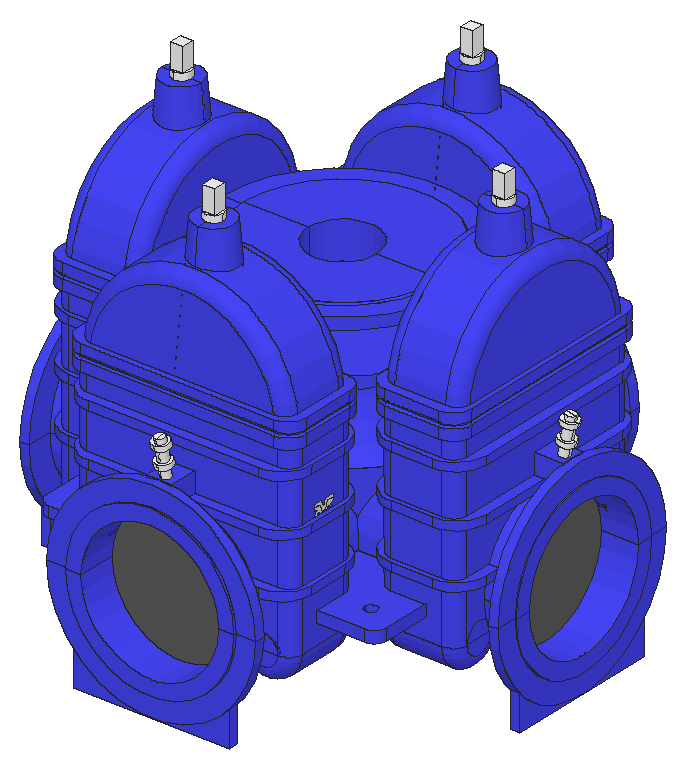
Revit family "18-70-003 DN300", category Pipe Accessories, Revit 2022
Family settings
  Round Connector Dimension = Use Diameter
  Part Type = Valve - Breaks Into
  Work Plane-Based = No
  Always vertical = Yes
  Cut with Voids When Loaded = No
  Shared = No
Parameters (values of type "DN300_PN10")
  tp bore = Bore_R * 0.5  # 75 mm
  main_dim1 = Bore_R * 1.25  # 187.5 mm
  body_dim1 = OD * 0.95  # 247 mm
  arc2 = L2 * 0.7  # 215.95 mm
  arc1 = arc2 * 0.5  # 107.975 mm
  arc = H * 0.5  # 370 mm
  P1 = size_lookup(Search_table, "p1", 0 mm, DN)  # 496 mm
  OD2 = OD1 * 1.1  # 157.3 mm
  OD1 = OD * 0.55  # 143 mm
  L_half = L / 4  # 262.5 mm
  L6 = L2 * 1.2  # 370.2 mm
  L5 = L2 * 1.35  # 416.475 mm
  L2 = size_lookup(Search_table, "L2", 0 mm, DN) / 2  # 308.5 mm
  L-L1 = (L - L1) / 2  # 174 mm
  L1 = size_lookup(Search_table, "L1", 0 mm, DN)  # 702 mm
  H1 = size_lookup(Search_table, "H1", 0 mm, DN)  # 475 mm
  F3 = size_lookup(Search_table, "F3", 0 mm, DN)  # 51 mm
  W = size_lookup(Search_table, "W", 0 mm, DN) / 2  # 260 mm
  URL_product_pages = "https://www.avkvalves.com/P.aspx?no=18100700140000099"
  Search_table = "18-70-003 DN300"
  Raised_dis = size_lookup(Search_table, "Raised_dis", 0 mm, DN)  # 4 mm
  Raised_R = size_lookup(Search_table, "Raised_R", 0 mm, DN)  # 215 mm
  OD = size_lookup(Search_table, "OD", 0 mm, DN)  # 260 mm
  L = size_lookup(Search_table, "L", 0 mm, DN)  # 1050 mm
  H3-H = H3 - H  # 228 mm
  H3 = size_lookup(Search_table, "H3", 0 mm, DN)  # 968 mm
  H = size_lookup(Search_table, "H", 0 mm, DN)  # 740 mm
  FL_T = size_lookup(Search_table, "FL_T", 0 mm, DN)  # 24.5 mm
  FL_R = size_lookup(Search_table, "FL_R", 0 mm, DN)  # 520 mm
  F2 = size_lookup(Search_table, "F2", 0 mm, DN)  # 65 mm
  F1 = size_lookup(Search_table, "F1", 0 mm, DN) / 2  # 20 mm
  F = size_lookup(Search_table, "F", 0 mm, DN) / 2  # 13.5 mm
  Dh = size_lookup(Search_table, "Dh", 0 mm, DN)  # 460 mm
  Description_ = "AVK COMBI-CROSS, FLANGED, 4 OUTLETS, PN10/16"
  Default Elevation = 0 mm
  DN300_PN16 = "18-300-70-016"
  DN300_PN10 = "18-300-70-006"
  DN = 300 mm
  Bore_R = size_lookup(Search_table, "Bore_R", 0 mm, DN)  # 150 mm
  Body_H = 370 mm  # constant formula
  50 = 50 mm  # constant formula
  5 = 5 mm  # constant formula
  27 = 27 mm  # constant formula
  20 = 20 mm  # constant formula
  1 = 1 mm  # constant formula
Types (3, lengths in mm): name | Dh | DN
  (no name) | 460 | 300
  DN300_PN10 | 460 | 300
  DN300_PN16 | 470 | 300.1
Reference planes
  plane 1 "Center (Front/Back)": y = 0
  plane 2: z = 0
  plane 3 "Center (Left/Right)": x = 0
  plane 4: x = -525
  plane 5: x = 525
  plane 6: x = -108.525
  plane 7: x = 108.525
  plane 8: y = 525
  plane 9: y = -525
  plane 10: y = 262.5
  plane 11: y = -262.5
  plane 12: y = 351
  plane 13: y = -351
  plane 14: x = -351
  plane 15: x = 351
  plane 16: y = 308.5
  plane 17: y = -308.5
  plane 18: x = -308.5
  plane 19: x = 308.5
  plane 20: z = 150
  plane 21: z = -150
  plane 22: z = 150
  plane 23: z = 150
  plane 24: z = 740
  plane 25: z = -228
  plane 26: z = 475
  plane 27: z = 370
  plane 28: z = 675
  plane 29: z = 689
  plane 30: y = 20
  plane 31: y = -20
  plane 32: y = -364.5
  plane 33: y = -337.5
  plane 34: x = -13.5
  plane 35: x = 13.5
  plane 36: x = -20
  plane 37: x = 20
  plane 38: y = 13.5
  plane 39: y = -13.5
Forms (mm)
  Extrusion 1, solid, material "Laminate, Blue, Matte"
    sketch origin (0, 0, 0) x (1, 0, 0) y (0, 0, 1)
      loop
        circle (0, 0) r 150
      loop
        circle (0, 0) r 155
    from -351 to 351
  Revolve 2, solid, material "Laminate, Blue, Matte"
    sketch origin (0, 0, 0) x (1, 0, 0) y (0, 0, 1)
      loop
        line (-351, 155) -> (-351, 150) -> (351, 150) -> (351, 155) -> (-351, 155)
      axis (-351, 0) -> (351, 0)
    angle from 0 to 360
  Extrusion 3, solid, material "Laminate, Blue, Matte"
    sketch origin (-2005.196, -1524, 814.716) x (-1, 0, 0) y (0, -1, 0)
      loop
        arc (-1661.996, -1894.2) -> (-1642.904, -1886.292) -> (-1634.996, -1867.2) r 27
        line (-1634.996, -1867.2) -> (-1634.996, -1180.8)
        arc (-1634.996, -1180.8) -> (-1642.904, -1161.708) -> (-1661.996, -1153.8) r 27
        line (-1661.996, -1153.8) -> (-2348.396, -1153.8)
        arc (-2348.396, -1153.8) -> (-2367.487, -1161.708) -> (-2375.396, -1180.8) r 27
        line (-2375.396, -1180.8) -> (-2375.396, -1867.2)
        arc (-2375.396, -1867.2) -> (-2367.487, -1886.292) -> (-2348.396, -1894.2) r 27
        line (-2348.396, -1894.2) -> (-1661.996, -1894.2)
      loop
        circle (-1696.696, -1832.5) r 13.5
      loop
        circle (-2313.696, -1832.5) r 13.5
      loop
        circle (-1696.696, -1215.5) r 13.5
      loop
        circle (-2313.696, -1215.5) r 13.5
    from -814.716 to -839.216
  Revolve 4, solid, material "Laminate, Blue, Matte"
    sketch origin (0, 0, 0) x (1, 0, 0) y (0, 0, 1)
      loop
        line (0, 370) -> (-157.3, 370)
        arc (-157.3, 370) -> (-153.058, 251.051) -> (-215.95, 150) r 203.901
        line (-215.95, 150) -> (-215.95, -20)
        arc (-215.95, -20) -> (-125.736, -114.504) -> (0, -150) r 247.835
        line (0, -150) -> (0, 370)
      axis (0, 370) -> (0, -150)
    angle from 0 to 360
  Revolve 5, solid, material "Laminate, Blue, Matte"
    sketch origin (0, 0, 0) x (1, 0, 0) y (0, 0, 1)
      loop
        line (75, 475) -> (75, 370) -> (157.3, 370) -> (157.3, 446.5) -> (260, 446.5) -> (260, 471) -> (218, 471) -> (215, 475) -> (75, 475)
      axis (0, 475) -> (0, 370)
    angle from 0 to 360
  Extrusion 6, solid, material "Laminate, Blue, Matte"
    sketch origin (-693.189, -1524, 370) x (-1, 0, 0) y (0, -1, 0)
      loop
        arc (-496.189, -1771) -> (-460.834, -1756.355) -> (-446.189, -1721) r 50
        line (-446.189, -1721) -> (-446.189, -1327)
        arc (-446.189, -1327) -> (-460.834, -1291.645) -> (-496.189, -1277) r 50
        line (-496.189, -1277) -> (-890.189, -1277)
        arc (-890.189, -1277) -> (-925.544, -1291.645) -> (-940.189, -1327) r 50
        line (-940.189, -1327) -> (-940.189, -1721)
        arc (-940.189, -1721) -> (-925.544, -1756.355) -> (-890.189, -1771) r 50
        line (-890.189, -1771) -> (-496.189, -1771)
    from 0 to 24.5
  Extrusion 7, solid, material "Laminate, Blue, Matte"
    sketch origin (0, 0, 0) x (1, 0, 0) y (0, 0, 1)
      loop
        line (-351, 260) -> (-351, 0) -> (351, 0) -> (351, 260) -> (-351, 260)
    from -13.5 to 13.5
  Extrusion 8, solid, material "Laminate, Blue, Matte"
    sketch origin (0, 0, 0) x (0, 1, 0) y (0, 0, 1)
      loop
        line (351, 260) -> (-351, 260) -> (-351, 0) -> (351, 0) -> (351, 260)
    from -13.5 to 13.5
Dimensions and locks
  equal spacing: plane 5, plane 3 "Center (Left/Right)", plane 4
  "L": plane 5 to plane 4
  "L5": plane 6 to plane 4
  equal spacing: plane 7, plane 3 "Center (Left/Right)", plane 6
  equal spacing: plane 8, plane 1 "Center (Front/Back)", plane 9
  "L": plane 8 to plane 9
  equal spacing: plane 10, plane 1 "Center (Front/Back)", plane 11
  "L_half": plane 10 to plane 1 "Center (Front/Back)"
  plane 5 to plane 4 = 1050 mm
  plane 8 to plane 9 = 1050 mm  (x2)
  plane 9 to plane 8 = 1050 mm
  plane 4 to plane 5 = 1050 mm
  equal spacing: plane 14, plane 3 "Center (Left/Right)", plane 15
  equal spacing: plane 13, plane 1 "Center (Front/Back)", plane 12
  "L1": plane 13 to plane 12
  "L1": plane 14 to plane 15
  equal spacing: plane 17, plane 1 "Center (Front/Back)", plane 16
  plane 17 to plane 16 = 617 mm  (x2)
  "L2": plane 1 "Center (Front/Back)" to plane 16
  equal spacing: plane 18, plane 3 "Center (Left/Right)", plane 19
  plane 18 to plane 19 = 617 mm  (x3)
  "L2": plane 18 to plane 3 "Center (Left/Right)"
  equal spacing: plane 20, level, plane 21
  "Bore_R": Extrusion 1 sketch curve to level
  "Bore_R": plane 20 to level
  "5": Extrusion 1 sketch curve to plane 20
  equal spacing: Extrusion 1 sketch curve, plane 3 "Center (Left/Right)", Extrusion 1 sketch curve  (x2)
  equal spacing: Extrusion 1, plane 1 "Center (Front/Back)", Extrusion 1
  "L-L1": plane 8 to Extrusion 1
  "L-L1": Revolve 2 sketch curve to plane 4
  equal spacing: Revolve 2 sketch curve, plane 3 "Center (Left/Right)", Revolve 2 sketch curve
  "Bore_R": plane 22 to level
  "5": Revolve 2 sketch curve to plane 22
  "Bore_R": plane 23 to level
  "H": plane 24 to level
  "H3-H": level to plane 25
  plane 24 to plane 25 = 968 mm  (x2)
  "H1": plane 26 to level
  "Body_H": plane 27 to level
  equal spacing: Extrusion 3 sketch curve, plane 3 "Center (Left/Right)", Extrusion 3 sketch curve  (x3)
  equal spacing: Extrusion 3 sketch curve, plane 1 "Center (Front/Back)", Extrusion 3 sketch curve  (x3)
  "L2": plane 1 "Center (Front/Back)" to Extrusion 3 sketch curve  (x2)
  "L2": Extrusion 3 sketch curve to plane 3 "Center (Left/Right)"  (x2)
  "L6": plane 1 "Center (Front/Back)" to Extrusion 3 sketch curve
  "L6": Extrusion 3 sketch curve to plane 3 "Center (Left/Right)"
  "FL_T": level to Extrusion 3
  "OD2": plane 3 "Center (Left/Right)" to Revolve 4 sketch curve
  "Bore_R": level to Revolve 4 sketch curve
  "20": level to Revolve 4 sketch curve
  "OD2": Revolve 5 sketch curve to plane 3 "Center (Left/Right)"
  "tp bore": Revolve 5 sketch curve to plane 3 "Center (Left/Right)"
  equal spacing: Extrusion 6 sketch curve, plane 3 "Center (Left/Right)", Extrusion 6 sketch curve
  equal spacing: Extrusion 6 sketch curve, plane 1 "Center (Front/Back)", Extrusion 6 sketch curve
  "body_dim1": plane 3 "Center (Left/Right)" to Extrusion 6 sketch curve
  "body_dim1": plane 1 "Center (Front/Back)" to Extrusion 6 sketch curve
  "FL_T": Revolve 5 sketch curve to Revolve 5 sketch curve
  "Raised_R": Revolve 5 sketch curve to plane 3 "Center (Left/Right)"
  "Raised_dis": plane 26 to Revolve 5 sketch curve
  "OD": Revolve 5 sketch curve to plane 3 "Center (Left/Right)"
  "FL_T": Extrusion 6 to plane 27
  equal spacing: Extrusion 7 sketch curve, plane 3 "Center (Left/Right)", Extrusion 7 sketch curve
  "L-L1": Extrusion 7 sketch curve to plane 4
  "W": Extrusion 7 sketch curve to level
  equal spacing: Extrusion 7, plane 1 "Center (Front/Back)", Extrusion 7
  "F": Extrusion 7 to plane 1 "Center (Front/Back)"
  equal spacing: Extrusion 8 sketch curve, plane 1 "Center (Front/Back)", Extrusion 8 sketch curve
  "W": Extrusion 8 sketch curve to level
  equal spacing: Extrusion 8, plane 3 "Center (Left/Right)", Extrusion 8
  "F": plane 3 "Center (Left/Right)" to Extrusion 8
  plane 24 to level = 740 mm
  plane 26 to level = 475 mm  (x3)
  "F3": plane 24 to plane 29
  "F2": plane 24 to plane 28
  equal spacing: plane 30, plane 1 "Center (Front/Back)", plane 31
  "F1": plane 30 to plane 1 "Center (Front/Back)"
  plane 30 to plane 31 = 40 mm
  "F": plane 33 to plane 13
  "F": plane 13 to plane 32
  plane 33 to plane 32 = 27 mm
  "arc2": plane 3 "Center (Left/Right)" to Revolve 4 sketch curve
  "F": nested 1 to plane 1 "Center (Front/Back)"
  "F": plane 1 "Center (Front/Back)" to nested 3
  "F": plane 3 "Center (Left/Right)" to nested 2
  "F": plane 3 "Center (Left/Right)" to nested 4
  equal spacing: plane 35, plane 3 "Center (Left/Right)", plane 34
  "F": plane 3 "Center (Left/Right)" to plane 34
  plane 35 to plane 34 = 27 mm
  equal spacing: plane 37, plane 3 "Center (Left/Right)", plane 36
  plane 37 to plane 36 = 40 mm
  "F1": plane 3 "Center (Left/Right)" to plane 36
  plane 24 to plane 29 = 51 mm
  plane 24 to plane 28 = 65 mm
  equal spacing: plane 38, plane 1 "Center (Front/Back)", plane 39
  "F": plane 38 to plane 1 "Center (Front/Back)"
  plane 38 to plane 39 = 27 mm
  "Body_H": Revolve 5 sketch curve to plane 2
  "27": radius of Extrusion 3 sketch curve  (x4)
  "27": diameter of Extrusion 3 sketch curve  (x4)
  "50": radius of Extrusion 6 sketch curve  (x4)
  diameter of Extrusion 3 = 27 mm  (x4)
  aligned and locked: level to plane 2
  aligned and locked: plane 22 to Revolve 2 sketch curve
  aligned and locked: Revolve 2 sketch curve to level
  aligned and locked: Extrusion 3 to level
  aligned and locked: Revolve 4 sketch curve to plane 27
  aligned and locked: Revolve 4 sketch curve to plane 3 "Center (Left/Right)"  (x2)
  aligned and locked: Revolve 5 sketch curve to plane 3 "Center (Left/Right)"
  aligned and locked: Extrusion 6 to plane 27
  aligned and locked: plane 26 to Revolve 5 sketch curve
  aligned and locked: level to Extrusion 7 sketch curve
  aligned and locked: plane 12 to Extrusion 8 sketch curve
  aligned and locked: level to Extrusion 8 sketch curve
  aligned and locked: nested 1 to plane 4
  aligned and locked: plane 9 to nested 4
  aligned and locked: plane 5 to nested 3
  aligned and locked: nested 2 to plane 8
  aligned and locked: plane 24 to nested 1
  aligned and locked: plane 24 to nested 2
  aligned and locked: plane 24 to nested 4
  aligned and locked: plane 24 to nested 3
Automatic sketch dimensions
  Extrusion 1 sketch curve to Extrusion 1 sketch curve = 0 mm
  Extrusion 1 sketch curve to level = 0 mm
  Revolve 2 sketch curve to plane 4 = 189.12 mm
  plane 36 to Revolve 2 sketch curve = 0.88 mm
  Revolve 4 sketch curve to plane 23 = 0 mm
  plane 14 to Revolve 4 sketch curve = 0.923 mm
  plane 3 "Center (Left/Right)" to Revolve 4 sketch curve = 2.085 mm
  plane 25 to Revolve 4 sketch curve = 21.959 mm
  plane 23 to Revolve 4 sketch curve = 0.027 mm
  Revolve 5 sketch curve to Revolve 5 sketch curve = 3 mm
  plane 27 to Revolve 5 sketch curve = 25.846 mm
  Revolve 5 sketch curve to plane 26 = 17.154 mm
Nested families
  nested 1: "18-70-003 DN200 family type" at (-351, 0, 0), type "18-70-003 DN200 family type"
  nested 2: "18-70-003 DN200 family type" at (0, 351, 0) x (0, -1, 0) z (0, 0, 1), type "18-70-003 DN200 family type"
  nested 3: "18-70-003 DN200 family type" at (351, 0, 0) x (-1, 0, 0) z (0, 0, 1), type "18-70-003 DN200 family type"
  nested 4: "18-70-003 DN200 family type" at (0, -351, 0) x (0, 1, 0) z (0, 0, 1), type "18-70-003 DN200 family type"
Connectors
  piping at (-525, 0, 0), diameter 300, driven by "DN"
    settings: on nested 1, index 1, connector inside diameter 609.6 mm, connector length 0 mm, flow factor 0, pipe flow 0.0 L/s, pressure drop 0.0 Pa, fitting loss kfactor 0, connector angle 0.00°, fixture units 0, engagement length 0 mm, angle of deflection 0.00°, flow configuration 0, flow direction 0, fitting loss method 0, system type 7, joint type 0, gender type 0, connector reference index -1, connector utility 0, adjustable connector no, is connector primary yes, connector description ""
  piping at (525, 0, 0), diameter 300, driven by "DN"
    settings: on nested 3, index 2, connector inside diameter 609.6 mm, connector length 0 mm, flow factor 0, pipe flow 0.0 L/s, pressure drop 0.0 Pa, fitting loss kfactor 0, connector angle 0.00°, fixture units 0, engagement length 0 mm, angle of deflection 0.00°, flow configuration 0, flow direction 0, fitting loss method 0, system type 7, joint type 0, gender type 0, connector reference index -1, connector utility 0, adjustable connector no, is connector primary no, connector description ""
  piping at (0, 525, 0), diameter 300, driven by "DN"
    settings: on nested 2, index 3, connector inside diameter 609.6 mm, connector length 0 mm, flow factor 0, pipe flow 0.0 L/s, pressure drop 0.0 Pa, fitting loss kfactor 0, connector angle 0.00°, fixture units 0, engagement length 0 mm, angle of deflection 0.00°, flow configuration 0, flow direction 0, fitting loss method 0, system type 7, joint type 0, gender type 0, connector reference index -1, connector utility 0, adjustable connector no, is connector primary no, connector description ""
  piping at (0, -525, 0), diameter 300, driven by "DN"
    settings: on nested 4, index 4, connector inside diameter 609.6 mm, connector length 0 mm, flow factor 0, pipe flow 0.0 L/s, pressure drop 0.0 Pa, fitting loss kfactor 0, connector angle 0.00°, fixture units 0, engagement length 0 mm, angle of deflection 0.00°, flow configuration 0, flow direction 0, fitting loss method 0, system type 7, joint type 0, gender type 0, connector reference index -1, connector utility 0, adjustable connector no, is connector primary no, connector description ""
Definition of nested family "18-70-003 DN200 family type"
  Parameters (values of type "18-70-003 DN200 family type")
    stem1 = F1 * 1.35  # 27 mm
    logo_H = Body_H * 0.5  # 185 mm
    Taper2 = Bore_R + 1.8 * Body_T  # 173.4 mm
    Taper1 = L5 * 0.35  # 122.5 mm
    P1 = size_lookup(Search_table, "p1", 0 mm, DN)  # 496 mm
    L_half = L / 4  # 262.5 mm
    L5 = L / 3  # 350 mm
    L2 = size_lookup(Search_table, "L2", 0 mm, DN)  # 617 mm
    L-L1 = L - L1  # 348 mm
    L1 = size_lookup(Search_table, "L1", 0 mm, DN)  # 702 mm
    H1 = size_lookup(Search_table, "H1", 0 mm, DN)  # 475 mm
    F3 = size_lookup(Search_table, "F3", 0 mm, DN)  # 51 mm
    Bore_Cut = Bore_R - 1 mm  # 149 mm
    Body_Rib = OD * 0.65  # 169 mm
    Wedge_L = Body_W * 0.85  # 73.1 mm
    W = size_lookup(Search_table, "W", 0 mm, DN) / 2  # 260 mm
    URL_product_pages = "https://www.avkvalves.com/P.aspx?no=0204075014649"
    Sweep _cut = Body_FL_T / 6  # 4.583 mm
    Stem = F2 / 2.5  # 26 mm
    Search_table = "18-70-003 DN300"
    Rib_T = FL_T - Raised_dis  # 20.5 mm
    Rib3_W = size_lookup(Search_table, "Rib3_W", 0 mm, DN)  # 220 mm
    Rib3_L = 500 mm  # constant formula
    Rib3_H = size_lookup(Search_table, "Rib3_H", 0 mm, DN)  # 315 mm
    Rib2_W = size_lookup(Search_table, "Rib2_W", 0 mm, DN)  # 220 mm
    Rib2_L = 500 mm  # constant formula
    Rib2_H = size_lookup(Search_table, "Rib2_H", 0 mm, DN)  # 195 mm
    Rib1_W = size_lookup(Search_table, "Rib1_W", 0 mm, DN)  # 220 mm
    Rib1_T = size_lookup(Search_table, "Rib1_T", 0 mm, DN) / 2  # 9 mm
    Rib1_R = size_lookup(Search_table, "Rib1_R", 0 mm, DN)  # 65 mm
    Rib1_L = size_lookup(Search_table, "Rib1_L", 0 mm, DN) - 60 mm  # 500 mm
    Rib1_H = size_lookup(Search_table, "Rib1_H", 0 mm, DN)  # 80 mm
    Raised_dis = size_lookup(Search_table, "Raised_dis", 0 mm, DN)  # 4 mm
    Raised_R = size_lookup(Search_table, "Raised_R", 0 mm, DN)  # 183.5 mm
    RIB_T = Raised_dis * 2  # 8 mm
    RIB_L1 = W * 0.65  # 169 mm
    OD = size_lookup(Search_table, "OD", 0 mm, DN)  # 260 mm
    L = size_lookup(Search_table, "L", 0 mm, DN)  # 1050 mm
    H3-H = H3 - H  # 228 mm
    H3 = size_lookup(Search_table, "H3", 0 mm, DN)  # 968 mm
    H = size_lookup(Search_table, "H", 0 mm, DN)  # 740 mm
    FL_T = size_lookup(Search_table, "FL_T", 0 mm, DN)  # 24.5 mm
    FL_R = size_lookup(Search_table, "FL_R", 0 mm, DN) / 2  # 227.5 mm
    F2 = size_lookup(Search_table, "F2", 0 mm, DN)  # 65 mm
    F1 = size_lookup(Search_table, "F1", 0 mm, DN) / 2  # 20 mm
    F = size_lookup(Search_table, "F", 0 mm, DN) / 2  # 13.5 mm
    Ds = size_lookup(Search_table, "Ds", 0 mm, DN)  # 23 mm
    Dh = size_lookup(Search_table, "Dh", 0 mm, DN)  # 460 mm
    Description_ = "AVK GATE VALVE, FLANGED, PN10/16"
    Default Elevation = 0 mm
    DN = 300 mm
    Bore_R = size_lookup(Search_table, "Bore_R", 0 mm, DN)  # 150 mm
    Bonnet_dim3 = F1 * 2.5  # 50 mm
    Bonnet_dim2 = Body_FL_W * 0.7  # 69.23 mm
    Bonnet_dim1 = F1 * 4.2  # 84 mm
    Bonnet_d2 = Body_W * 0.5  # 43 mm
    Bonnet_d1 = Body_W * 0.8  # 68.8 mm
    Bonnet_L = Body_L * 0.97  # 230.86 mm
    Body_dim = size_lookup(Search_table, "Body_dim", 0 mm, DN)  # 175 mm
    Body_bottom = Body_L - 30 mm  # 208 mm
    Body_W = size_lookup(Search_table, "Body_W", 0 mm, DN) / 2  # 86 mm
    Body_T = size_lookup(Search_table, "Body_T", 0 mm, DN)  # 13 mm
    Body_R = size_lookup(Search_table, "Body_R", 0 mm, DN)  # 30 mm
    Body_L = size_lookup(Search_table, "Body_L", 0 mm, DN) / 2  # 238 mm
    Body_H = size_lookup(Search_table, "Body_H", 0 mm, DN)  # 370 mm
    Body_FL_rib_dim1 = (L / 2) - FL_T  # 500.5 mm
    Body_FL_rib_dim = H - 30 mm  # 710 mm
    Body_FL_arc = size_lookup(Search_table, "Body_FL_arc", 0 mm, DN)  # 1550 mm
    Body_FL_W = Body_W * 1.15  # 98.9 mm
    Body_FL_T = size_lookup(Search_table, "Body_FL_T", 0 mm, DN) / 2  # 27.5 mm
    Body_FL_R = size_lookup(Search_table, "Body_FL_R", 0 mm, DN)  # 40 mm
    Body_FL_L = 250 mm  # constant formula
    Body_Arc = size_lookup(Search_table, "Body_Arc", 0 mm, DN)  # 1120 mm
    5 = 5 mm  # constant formula
    Wedge_dim = size_lookup(Search_table, "Wedge_dim", 0 mm, DN)  # 70 mm
    27 = 27 mm  # constant formula
    1 = 1 mm  # constant formula
  Reference planes
    plane 1 "Center (Front/Back)": y = 0
    plane 2: z = 0
    plane 3 "Center (Left/Right)": x = 0
    plane 4: y = 238
    plane 5: y = -238
    plane 6: x = -86
    plane 7: x = 86
    plane 8: x = -56
    plane 9: x = 56
    plane 10: y = 208
    plane 11: y = -208
    plane 12: z = 370
    plane 13: z = 342.5
    plane 14: z = 290
    plane 15 "RIB_W": y = -250
    plane 16 "RIB_L": x = -110
    plane 17 "RIB_M": x = 110
    plane 18 "RIB_N": y = 250
    plane 19: y = 250
    plane 20: y = -250
    plane 21: x = -98.9
    plane 22: x = 98.9
    plane 23: y = 210
    plane 24: y = -210
    plane 25: x = -58.9
    plane 26: x = 58.9
    plane 27: z = 175
    plane 28: z = 55
    plane 29: z = 0
    plane 30: x = -20
    plane 31: x = 20
    plane 32: y = 250
    plane 33: y = -250
    plane 34: z = 740
    plane 35: y = 20
    plane 36: y = -20
    plane 37: z = 689
    plane 38: z = 675
    plane 39: x = -13.5
    plane 40: x = 13.5
    plane 41: z = -70
    plane 42: z = 228
    plane 43: y = 260
    plane 44: y = 250
    plane 45: y = -260
    plane 46: y = -250
    plane 47: z = -228
    plane 48: x = 174
    plane 49: x = -174
    plane 50: through (-110.611, -1524, 107.099) normal (-0.9848, 0, -0.1736)
  Forms (mm)
    Revolve 1, solid
      sketch origin (0, 0, 0) x (1, 0, 0) y (0, 1, 0)
        loop
          line (-174, 150) -> (201, 150) -> (201, 163) -> (-122.5, 163) -> (-149.5, 173.4) -> (-149.5, 227.5) -> (-170, 227.5) -> (-170, 183.5) -> (-174, 183.5) -> (-174, 150)
        axis (201, 0) -> (-174, 0)
      angle from 0 to 360
    Extrusion 2, solid
      sketch origin (0, 0, 0) x (1, 0, 0) y (0, 1, 0)
        loop
          line (-86, 208) -> (-86, -208)
          arc (-86, -208) -> (-77.213, -229.213) -> (-56, -238) r 30
          line (-56, -238) -> (56, -238)
          arc (56, -238) -> (77.213, -229.213) -> (86, -208) r 30
          line (86, -208) -> (86, 208)
          arc (86, 208) -> (77.213, 229.213) -> (56, 238) r 30
          line (56, 238) -> (-56, 238)
          arc (-56, 238) -> (-77.213, 229.213) -> (-86, 208) r 30
      from -70 to 370
    Extrusion 3, solid
      sketch origin (0, 1854.182, 290) x (0, 1, 0) y (-1, 0, 0)
        loop
          arc (-1604.182, 58.9) -> (-1615.898, 87.184) -> (-1644.182, 98.9) r 40
          line (-1644.182, 98.9) -> (-2064.182, 98.9)
          arc (-2064.182, 98.9) -> (-2092.467, 87.184) -> (-2104.182, 58.9) r 40
          line (-2104.182, 58.9) -> (-2104.182, -58.9)
          arc (-2104.182, -58.9) -> (-2092.467, -87.184) -> (-2064.182, -98.9) r 40
          line (-2064.182, -98.9) -> (-1644.182, -98.9)
          arc (-1644.182, -98.9) -> (-1615.898, -87.184) -> (-1604.182, -58.9) r 40
          line (-1604.182, -58.9) -> (-1604.182, 58.9)
      from 52.5 to 107.5
    Extrusion 4, solid
      sketch origin (0, 1854.182, 290) x (0, 1, 0) y (-1, 0, 0)
        loop
          arc (-1604.182, 45) -> (-1623.22, 90.962) -> (-1669.182, 110) r 65
          line (-1669.182, 110) -> (-2039.182, 110)
          arc (-2039.182, 110) -> (-2085.144, 90.962) -> (-2104.182, 45) r 65
          line (-2104.182, 45) -> (-2104.182, -45)
          arc (-2104.182, -45) -> (-2085.144, -90.962) -> (-2039.182, -110) r 65
          line (-2039.182, -110) -> (-1669.182, -110)
          arc (-1669.182, -110) -> (-1623.22, -90.962) -> (-1604.182, -45) r 65
          line (-1604.182, -45) -> (-1604.182, 45)
      from 9 to -9
    Sweep 5, void
      path in 3D
        loop
          arc (58.9, -250, 397.5) -> (87.184, -238.284, 397.5) -> (98.9, -210, 397.5) r 40
          line (98.9, -210, 397.5) -> (98.9, 210, 397.5)
          arc (98.9, 210, 397.5) -> (87.184, 238.284, 397.5) -> (58.9, 250, 397.5) r 40
          line (58.9, 250, 397.5) -> (-58.9, 250, 397.5)
          arc (-58.9, 250, 397.5) -> (-87.184, 238.284, 397.5) -> (-98.9, 210, 397.5) r 40
          line (-98.9, 210, 397.5) -> (-98.9, -210, 397.5)
          arc (-98.9, -210, 397.5) -> (-87.184, -238.284, 397.5) -> (-58.9, -250, 397.5) r 40
          line (-58.9, -250, 397.5) -> (58.9, -250, 397.5)
      profile origin (0, -250, 397.5) x (0, 1, 0) y (0, 0, 1)
        loop
          circle (0, -27.5) r 4.583
    Extrusion 6, solid
      sketch origin (0, 1323.169, 370) x (0, 1, 0) y (-1, 0, 0)
        loop
          arc (-1073.169, 45) -> (-1092.207, 90.962) -> (-1138.169, 110) r 65
          line (-1138.169, 110) -> (-1508.169, 110)
          arc (-1508.169, 110) -> (-1554.131, 90.962) -> (-1573.169, 45) r 65
          line (-1573.169, 45) -> (-1573.169, -45)
          arc (-1573.169, -45) -> (-1554.131, -90.962) -> (-1508.169, -110) r 65
          line (-1508.169, -110) -> (-1138.169, -110)
          arc (-1138.169, -110) -> (-1092.207, -90.962) -> (-1073.169, -45) r 65
          line (-1073.169, -45) -> (-1073.169, 45)
      from -204 to -186
    Extrusion 7, solid
      sketch origin (0, 1323.169, 370) x (0, 1, 0) y (-1, 0, 0)
        loop
          arc (-1073.169, 45) -> (-1092.207, 90.962) -> (-1138.169, 110) r 65
          line (-1138.169, 110) -> (-1508.169, 110)
          arc (-1508.169, 110) -> (-1554.131, 90.962) -> (-1573.169, 45) r 65
          line (-1573.169, 45) -> (-1573.169, -45)
          arc (-1573.169, -45) -> (-1554.131, -90.962) -> (-1508.169, -110) r 65
          line (-1508.169, -110) -> (-1138.169, -110)
          arc (-1138.169, -110) -> (-1092.207, -90.962) -> (-1073.169, -45) r 65
          line (-1073.169, -45) -> (-1073.169, 45)
      from -306 to -324
    Extrusion 8, solid
      sketch origin (0, 0, 0) x (0, 1, 0) y (0, 0, -1)
        loop
          line (169, 228) -> (-169, 228) -> (-169, 150) -> (169, 150) -> (169, 228)
      from 149.5 to 169
    Extrusion 9, solid
      sketch origin (0, 0, 7.614) x (1, 0, 0) y (0, 0, 1)
        loop
          line (13.5, 732.386) -> (-13.5, 732.386) -> (-13.5, 681.386) -> (13.5, 681.386) -> (13.5, 732.386)
      from -13.5 to 13.5
    Extrusion 10, solid
      sketch origin (0, 196.792, 342.5) x (0, 1, 0) y (-1, 0, 0)
        loop
          circle (-196.792, 0) r 20
      from 332.5 to 346.5
    Revolve 11, solid
      sketch origin (0, 1323.169, 370) x (0, 1, 0) y (-1, 0, 0)
        loop
          arc (-1092.309, 56) -> (-1101.096, 77.213) -> (-1122.309, 86) r 30
          line (-1122.309, 86) -> (-1323.169, 86) -> (-1323.169, -86) -> (-1122.309, -86)
          arc (-1122.309, -86) -> (-1101.096, -77.213) -> (-1092.309, -56) r 30
          line (-1092.309, -56) -> (-1092.309, 56)
        axis (-1323.169, -86) -> (-1323.169, 86)
      angle from -180 to 0
    Revolve 12, solid
      sketch origin (0, 0, 0) x (1, 0, 0) y (0, 0, 1)
        loop
          line (43, 675) -> (0, 675) -> (0, 370) -> (68.8, 370) -> (43, 675)
        axis (0, 675) -> (0, 370)
      angle from 0 to 360
    Extrusion 13, void
      sketch origin (0, 0, 0) x (0, -1, 0) y (0, 0, 1)
        loop
          circle (0, 0) r 150
      from -110 to 110
    Revolve 14, solid
      sketch origin (-660.515, -1524, -70) x (-1, 0, 0) y (0, -1, 0)
        loop
          arc (-604.515, -1762) -> (-583.301, -1753.213) -> (-574.515, -1732) r 30
          line (-574.515, -1732) -> (-574.515, -1699) -> (-746.515, -1699) -> (-746.515, -1732)
          arc (-746.515, -1732) -> (-737.728, -1753.213) -> (-716.515, -1762) r 30
          line (-716.515, -1762) -> (-604.515, -1762)
        axis (-574.515, -1699) -> (-746.515, -1699)
      angle from 0 to 360
    Revolve 15, solid
      sketch origin (-660.515, -1524, -70) x (-1, 0, 0) y (0, -1, 0)
        loop
          arc (-574.515, -1316) -> (-583.301, -1294.787) -> (-604.515, -1286) r 30
          line (-604.515, -1286) -> (-716.515, -1286)
          arc (-716.515, -1286) -> (-737.728, -1294.787) -> (-746.515, -1316) r 30
          line (-746.515, -1316) -> (-746.515, -1349) -> (-574.515, -1349) -> (-574.515, -1316)
        axis (-746.515, -1349) -> (-574.515, -1349)
      angle from 0 to 360
    Extrusion 16, solid
      sketch origin (0, 0, 0) x (0, 1, 0) y (0, 0, 1)
        loop
          circle (0, 0) r 150
      from -91 to 91
    Extrusion 17, solid
      sketch origin (0, 0, 0) x (1, 0, 0) y (0, 0, 1)
        loop
          line (-149.5, 227.5) -> (-149.5, 150) -> (-86, 150) -> (-86, 227.5) -> (-149.5, 227.5)
      from -27 to 27
    Revolve 18, solid
      sketch origin (0, 0, 0) x (1, 0, 0) y (0, 0, 1)
        loop
          line (-146.708, 311.811) -> (-131.929, 228) -> (-121.231, 228) -> (-125.733, 253.534) -> (-118.396, 254.828) -> (-120.312, 265.694) -> (-127.649, 264.4) -> (-132.858, 293.945) -> (-125.521, 295.238) -> (-127.258, 305.087) -> (-134.595, 303.793) -> (-136.331, 313.641) -> (-146.708, 311.811)
        axis (-146.708, 311.811) -> (-131.607, 226.17)
      angle from 0 to 360
  Cuts and joins
    Sweep 5 cuts Extrusion 3
    Extrusion 13 cuts Revolve 1
    Extrusion 13 cuts Extrusion 2
    Extrusion 13 cuts Extrusion 7
  Lines and regions (mm)
    sketch lines
      curve 1: line (-58.9, -250, 397.5) -> (58.9, -250, 397.5)
      curve 2: line (58.9, 250, 397.5) -> (-58.9, 250, 397.5)
      curve 3: arc (-98.9, 210, 397.5) -> (-87.184, 238.284, 397.5) -> (-58.9, 250, 397.5) r 40
      curve 4: line (-98.9, 210, 397.5) -> (-98.9, -210, 397.5)
      curve 5: arc (-58.9, -250, 397.5) -> (-87.184, -238.284, 397.5) -> (-98.9, -210, 397.5) r 40
      curve 6: arc (98.9, -210, 397.5) -> (87.184, -238.284, 397.5) -> (58.9, -250, 397.5) r 40
      curve 7: line (98.9, -210, 397.5) -> (98.9, 210, 397.5)
      curve 8: arc (58.9, 250, 397.5) -> (87.184, 238.284, 397.5) -> (98.9, 210, 397.5) r 40
  Dimensions and locks
    "Bore_R": plane 1 "Center (Front/Back)" to Revolve 1 sketch curve
    "FL_R": plane 1 "Center (Front/Back)" to Revolve 1 sketch curve
    "Raised_R": plane 1 "Center (Front/Back)" to Revolve 1 sketch curve
    "Body_T": Revolve 1 sketch curve to Revolve 1 sketch curve
    equal spacing: plane 4, plane 1 "Center (Front/Back)", plane 5
    "Body_L": plane 4 to plane 1 "Center (Front/Back)"
    "Body_W": plane 6 to plane 3 "Center (Left/Right)"
    equal spacing: plane 8, plane 3 "Center (Left/Right)", plane 9
    equal spacing: plane 10, plane 1 "Center (Front/Back)", plane 11
    "Body_R": plane 6 to plane 8
    "Body_R": plane 4 to plane 10
    plane 4 to plane 10 = 30 mm
    "Body_H": plane 12 to plane 2
    equal spacing: plane 6, plane 3 "Center (Left/Right)", plane 7
    "Body_FL_T": plane 12 to plane 13
    equal spacing: plane 16 "RIB_L", plane 3 "Center (Left/Right)", plane 17 "RIB_M"
    equal spacing: plane 15 "RIB_W", plane 1 "Center (Front/Back)", plane 18 "RIB_N"
    "Rib1_L": plane 15 "RIB_W" to plane 18 "RIB_N"
    "Rib1_W": plane 16 "RIB_L" to plane 17 "RIB_M"
    equal spacing: plane 21, plane 3 "Center (Left/Right)", plane 22  (x2)
    equal spacing: plane 19, plane 1 "Center (Front/Back)", plane 20
    "Body_FL_W": plane 21 to plane 3 "Center (Left/Right)"
    "Body_FL_L": plane 1 "Center (Front/Back)" to plane 19
    equal spacing: plane 23, plane 1 "Center (Front/Back)", plane 24
    equal spacing: plane 25, plane 3 "Center (Left/Right)", plane 26
    "Body_FL_R": plane 19 to plane 23
    "Body_FL_R": plane 21 to plane 25
    "Body_FL_T": Extrusion 3 to plane 12
    "Rib1_T": Extrusion 4 to plane 14
    "Rib1_T": plane 14 to Extrusion 4
    plane 29 to level = 0 mm
    "Sweep _cut": Sweep 5 sketch curve to plane 12
    "Body_FL_L": plane 1 "Center (Front/Back)" to Sweep 5 sketch curve
    equal spacing: Extrusion 4 sketch curve, plane 3 "Center (Left/Right)", Extrusion 4 sketch curve
    equal spacing: Extrusion 4 sketch curve, plane 1 "Center (Front/Back)", Extrusion 4 sketch curve
    "Rib1_W": Extrusion 4 sketch curve to Extrusion 4 sketch curve
    "Rib1_L": Extrusion 4 sketch curve to Extrusion 4 sketch curve
    equal spacing: Extrusion 6 sketch curve, plane 3 "Center (Left/Right)", Extrusion 6 sketch curve
    equal spacing: Extrusion 6 sketch curve, plane 1 "Center (Front/Back)", Extrusion 6 sketch curve
    Extrusion 6 sketch curve to Extrusion 6 sketch curve = 220 mm
    "Rib2_L": Extrusion 6 sketch curve to Extrusion 6 sketch curve
    "Rib2_W": Extrusion 6 sketch curve to Extrusion 6 sketch curve
    "Rib1_T": Extrusion 6 to plane 27
    "Rib1_T": plane 27 to Extrusion 6
    equal spacing: Extrusion 7 sketch curve, plane 3 "Center (Left/Right)", Extrusion 7 sketch curve
    equal spacing: Extrusion 7 sketch curve, plane 1 "Center (Front/Back)", Extrusion 7 sketch curve
    "Rib3_W": Extrusion 7 sketch curve to Extrusion 7 sketch curve
    "Rib3_L": Extrusion 7 sketch curve to Extrusion 7 sketch curve
    "Rib1_T": Extrusion 7 to plane 28
    "Rib1_T": plane 28 to Extrusion 7
    "logo_H": nested 1 to level
    equal spacing: plane 31, plane 3 "Center (Left/Right)", plane 30
    "F1": plane 3 "Center (Left/Right)" to plane 30
    plane 31 to plane 30 = 40 mm  (x2)
    equal spacing: plane 32, plane 1 "Center (Front/Back)", plane 33
    "Body_FL_L": plane 32 to plane 1 "Center (Front/Back)"
    plane 32 to plane 33 = 500 mm
    equal spacing: Extrusion 8 sketch curve, plane 1 "Center (Front/Back)", Extrusion 8 sketch curve
    "Body_Rib": Extrusion 8 sketch curve to plane 1 "Center (Front/Back)"
    "Bore_R": level to Extrusion 8 sketch curve
    plane 3 "Center (Left/Right)" to Extrusion 8 = 149.5 mm
    "H": plane 34 to plane 2
    equal spacing: Extrusion 9 sketch curve, plane 3 "Center (Left/Right)", Extrusion 9 sketch curve
    "F": plane 3 "Center (Left/Right)" to Extrusion 9 sketch curve
    "F3": plane 34 to Extrusion 9
    equal spacing: plane 35, plane 1 "Center (Front/Back)", plane 36
    "F1": plane 35 to plane 1 "Center (Front/Back)"
    Extrusion 9 to plane 1 "Center (Front/Back)" to Extrusion 9 = 13.5 mm, 13.5 mm
    equal spacing: Extrusion 10 sketch curve, plane 3 "Center (Left/Right)", Extrusion 10 sketch curve
    equal spacing: Extrusion 10 sketch curve, plane 1 "Center (Front/Back)", Extrusion 10 sketch curve
    "F3": plane 34 to Extrusion 10
    "F3": plane 34 to plane 37
    equal spacing: Revolve 11 sketch curve, plane 3 "Center (Left/Right)", Revolve 11 sketch curve
    "Body_W": Revolve 11 sketch curve to plane 3 "Center (Left/Right)"
    "Bonnet_L": plane 1 "Center (Front/Back)" to Revolve 11 sketch curve
    "Bonnet_d2": Revolve 12 sketch curve to plane 3 "Center (Left/Right)"
    "Bonnet_d1": Revolve 12 sketch curve to plane 3 "Center (Left/Right)"
    equal spacing: plane 40, plane 3 "Center (Left/Right)", plane 39
    "F": plane 3 "Center (Left/Right)" to plane 39
    plane 39 to plane 40 = 27 mm
    equal spacing: Extrusion 13 sketch curve, level, Extrusion 13 sketch curve
    equal spacing: Extrusion 13 sketch curve, plane 1 "Center (Front/Back)", Extrusion 13 sketch curve
    "Wedge_dim": level to plane 41
    "Taper2": plane 1 "Center (Front/Back)" to Revolve 1 sketch curve
    Revolve 1 sketch curve to plane 3 "Center (Left/Right)" = 122.5 mm
    "Taper1": Revolve 1 sketch curve to plane 3 "Center (Left/Right)"
    "Rib1_H": plane 12 to plane 14
    "Rib2_H": plane 12 to plane 27
    "Rib3_H": plane 12 to plane 28
    "Body_dim": plane 1 "Center (Front/Back)" to Revolve 14 sketch curve
    "Body_dim": Revolve 15 sketch curve to plane 1 "Center (Front/Back)"
    equal spacing: Extrusion 16 sketch curve, plane 1 "Center (Front/Back)", Extrusion 16 sketch curve
    equal spacing: Extrusion 16, plane 3 "Center (Left/Right)", Extrusion 16
    equal spacing: Extrusion 16 sketch curve, level, Extrusion 16 sketch curve
    "H3-H": plane 42 to level
    equal spacing: plane 43, plane 1 "Center (Front/Back)", plane 45
    equal spacing: plane 44, plane 1 "Center (Front/Back)", plane 46
    "W": plane 43 to plane 1 "Center (Front/Back)"
    "Body_FL_L": plane 44 to plane 1 "Center (Front/Back)"
    plane 43 to plane 45 = 520 mm  (x2)
    plane 44 to plane 46 = 500 mm  (x2)
    "H3-H": level to Extrusion 8
    "H3": plane 34 to plane 47
    equal spacing: plane 49, plane 3 "Center (Left/Right)", plane 48
    "L-L1": plane 49 to plane 48
    "5": plane 49 to Extrusion 8
    Extrusion 8 to plane 3 "Center (Left/Right)" = 169 mm
    "5": plane 6 to Extrusion 16
    "F2": plane 34 to plane 38
    plane 30 to plane 31 = 40 mm
    plane 35 to plane 36 = 40 mm
    plane 49 to plane 48 = 348 mm
    plane 34 to plane 47 = 968 mm
    "FL_T": plane 49 to Extrusion 17 sketch curve
    "FL_R": Extrusion 17 sketch curve to level
    "Bore_R": Extrusion 17 sketch curve to level
    equal spacing: Extrusion 17, plane 1 "Center (Front/Back)", Extrusion 17
    "stem1": Extrusion 17 to plane 1 "Center (Front/Back)"
    "F": plane 1 "Center (Front/Back)" to Extrusion 9
    equal spacing: Extrusion 9, plane 1 "Center (Front/Back)", Extrusion 9
    "Raised_dis": plane 49 to Revolve 1 sketch curve
    "FL_T": plane 49 to Revolve 1 sketch curve
    "27": plane 48 to Revolve 1 sketch curve
    plane 34 to level = 740 mm
    plane 12 to level = 370 mm
    "Sweep _cut": radius of Sweep 5 sketch curve
    "Rib1_R": radius of Extrusion 4 sketch curve  (x4)
    "Rib1_R": radius of Extrusion 6 sketch curve  (x4)
    "Rib1_R": radius of Extrusion 7 sketch curve  (x4)
    "F1": radius of Extrusion 10 sketch curve
    "Body_R": radius of Revolve 11 sketch curve  (x2)
    "Bore_R": radius of Extrusion 13 sketch curve
    "Bore_R": radius of Extrusion 16 sketch curve
    angle plane 3 "Center (Left/Right)" to plane 50 = 10.00°
    aligned and locked: level to plane 2
    aligned and locked: plane 1 "Center (Front/Back)" to Revolve 1 sketch curve
    aligned and locked: plane 6 to Extrusion 2 sketch curve  (x2)
    aligned and locked: plane 10 to Extrusion 2 sketch curve
    aligned and locked: plane 8 to Extrusion 2 sketch curve  (x2)
    aligned and locked: plane 4 to Extrusion 2 sketch curve
    aligned and locked: Extrusion 2 sketch curve to plane 10
    aligned and locked: Extrusion 2 sketch curve to plane 4
    aligned and locked: plane 9 to Extrusion 2 sketch curve  (x2)
    aligned and locked: plane 7 to Extrusion 2 sketch curve  (x2)
    aligned and locked: plane 11 to Extrusion 2 sketch curve  (x2)
    aligned and locked: plane 5 to Extrusion 2 sketch curve
    aligned and locked: Extrusion 2 sketch curve to plane 5
    aligned and locked: plane 12 to Extrusion 2
    aligned and locked: plane 25 to Extrusion 3 sketch curve
    aligned and locked: plane 19 to Extrusion 3 sketch curve  (x2)
    aligned and locked: plane 21 to Extrusion 3 sketch curve
    aligned and locked: plane 23 to Extrusion 3 sketch curve  (x2)
    aligned and locked: Extrusion 3 sketch curve to plane 26
    aligned and locked: plane 22 to Extrusion 3 sketch curve
    aligned and locked: plane 20 to Extrusion 3 sketch curve  (x2)
    aligned and locked: Extrusion 3 sketch curve to plane 25
    aligned and locked: Extrusion 3 sketch curve to plane 21
    aligned and locked: plane 24 to Extrusion 3 sketch curve  (x2)
    aligned and locked: plane 26 to Extrusion 3 sketch curve
    aligned and locked: Extrusion 3 sketch curve to plane 22
    aligned and locked: Extrusion 3 to plane 13
    aligned and locked: plane 3 "Center (Left/Right)" to nested 1
    aligned and locked: plane 34 to Extrusion 9 sketch curve
    aligned and locked: Revolve 11 sketch curve to plane 1 "Center (Front/Back)"
    aligned and locked: plane 1 "Center (Front/Back)" to Revolve 11 sketch curve
    aligned and locked: plane 12 to Revolve 11
    aligned and locked: Revolve 11 to plane 12
    aligned and locked: Revolve 12 sketch curve to plane 3 "Center (Left/Right)"
    aligned and locked: plane 38 to Revolve 12 sketch curve
    aligned and locked: Revolve 12 sketch curve to plane 12
    aligned and locked: plane 3 "Center (Left/Right)" to Revolve 12 sketch curve
    aligned and locked: Extrusion 13 to plane 16 "RIB_L"
    aligned and locked: Extrusion 13 to plane 17 "RIB_M"
    aligned and locked: cut or joined group of Extrusion 2, Extrusion 13 to plane 41
    aligned and locked: Revolve 14 sketch curve to cut or joined group of Extrusion 2, Extrusion 13  (x2)
    aligned and locked: Revolve 14 sketch curve to Revolve 14 sketch curve
    aligned and locked: Revolve 15 sketch curve to cut or joined group of Extrusion 2, Extrusion 13  (x2)
    aligned and locked: Revolve 15 sketch curve to Revolve 15 sketch curve
    aligned and locked: Extrusion 8 to cut or joined group of Revolve 1, Extrusion 13
    aligned and locked: Extrusion 10 to plane 38
    aligned and locked: Extrusion 9 sketch curve to plane 37
    aligned and locked: plane 6 to Extrusion 17 sketch curve
    aligned and locked: plane 49 to Revolve 1 sketch curve
    aligned and locked: plane 42 to Revolve 18 sketch curve
    aligned and locked: plane 50 to Revolve 18 sketch curve
  Automatic sketch dimensions
    plane 50 to Revolve 18 sketch curve = 0 mm  (x2)
    plane 14 to Revolve 18 sketch curve = 3.945 mm
    Revolve 18 sketch curve to plane 16 "RIB_L" = 22.858 mm
    Revolve 18 sketch curve to Revolve 18 sketch curve = 1.736 mm  (x2)
    plane 14 to Revolve 18 sketch curve = 23.641 mm
    Revolve 18 sketch curve to plane 16 "RIB_L" = 17.649 mm
    plane 14 to Revolve 18 sketch curve = 15.087 mm
    Revolve 18 sketch curve to Revolve 18 sketch curve = 1.916 mm
    Revolve 18 sketch curve to Revolve 18 sketch curve = 10.699 mm
    Revolve 18 sketch curve to Revolve 18 sketch curve = 7.337 mm
    Revolve 18 sketch curve to plane 13 = 26.219 mm
    Revolve 18 sketch curve to plane 13 = 11.447 mm
    plane 30 to Revolve 1 sketch curve = 0.26 mm
    Revolve 1 sketch curve to plane 7 = 0.277 mm
    Extrusion 8 sketch curve to plane 47 = 0 mm
    Revolve 11 sketch curve to Revolve 11 sketch curve = 1.796 mm
    Revolve 11 sketch curve to plane 6 = 1.704 mm
    Revolve 12 sketch curve to Revolve 12 sketch curve = 7.887 mm
    Revolve 12 sketch curve to plane 38 = 10.513 mm
    Revolve 14 sketch curve to plane 6 = 8.334 mm
    plane 16 "RIB_L" to Revolve 14 sketch curve = 3.637 mm
    Revolve 15 sketch curve to Revolve 15 sketch curve = 0.559 mm
    plane 16 "RIB_L" to Revolve 15 sketch curve = 5.559 mm
  Nested families
    nested 1: "LOGO LV Final" at (0, -238, 173.565) x (1, 0, 0) z (0, -1, 0), type "LOGO LV Final"
  Definition of nested family "LOGO LV Final"
    Parameters (values of type "LOGO LV Final")
      Default Elevation = 1219.2 mm
    Reference planes
      plane 1 "Center (Front/Back)": y = 0
      plane 2: z = 0
      plane 3 "Center (Left/Right)": x = 0
    Forms (mm)
      Extrusion 1, solid
        sketch origin (0, 0, 0) x (1, 0, 0) y (0, 1, 0)
          loop
            line (-1219.2, 1219.2) -> (-1219.2, -1219.2) -> (1219.2, -1219.2) -> (1219.2, 1219.2) -> (-1219.2, 1219.2)
        from 0 to -304.8
      Extrusion 2, solid
        sketch origin (0, 0, 0) x (1, 0, 0) y (0, 1, 0)
          loop
            line (-6.508, 34.292) -> (-23.994, 34.292) -> (-23.994, 29.549) -> (-9.76, 29.549) -> (-2.385, 11.435) -> (2.397, 11.435) -> (9.772, 29.549) -> (24.006, 29.549) -> (24.006, 34.292) -> (6.52, 34.292) -> (0.006, 18.292) -> (-6.508, 34.292)
          loop
            line (-10.99, 27.72) -> (-23.994, 27.72) -> (-23.994, 23.149) -> (-19.497, 23.149) -> (-23.994, 11.435) -> (-18.914, 11.435) -> (-17.949, 13.949) -> (-10.504, 13.949) -> (-9.48, 11.435) -> (-4.359, 11.435) -> (-10.99, 27.72)
          loop
            line (-16.771, 18.292) -> (-12.272, 18.292) -> (-14.588, 23.98) -> (-16.771, 18.292)
          loop
            line (4.371, 11.435) -> (9.492, 11.435) -> (12.099, 17.838) -> (16.924, 11.435) -> (22.863, 11.435) -> (17.405, 18.677)
            arc (17.405, 18.677) -> (20.589, 20.248) -> (22.635, 23.149) r 7.2
            line (22.635, 23.149) -> (24.006, 23.149) -> (24.006, 27.72) -> (19.435, 27.72)
            arc (19.435, 27.72) -> (17.768, 23.594) -> (13.704, 21.781) r 5.943
            line (13.704, 21.781) -> (16.123, 27.72) -> (11.002, 27.72) -> (4.371, 11.435)
        from 0 to 1
    Dimensions and locks
      aligned and locked: plane 2 to Extrusion 1
      aligned and locked: level to Extrusion 1
